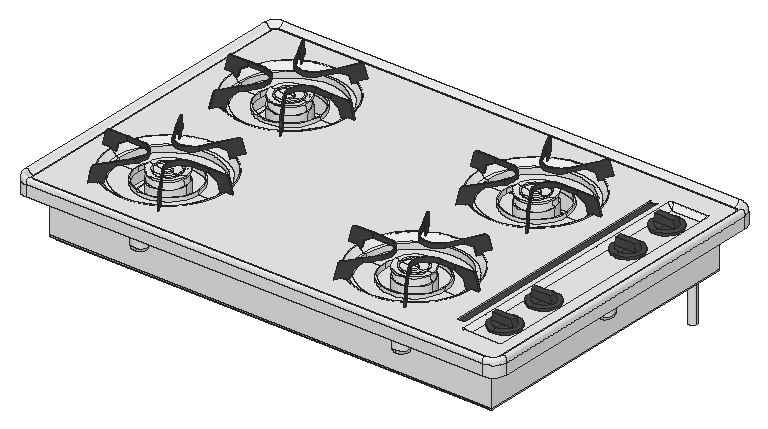
Revit family "QF_Summit_ZNL05P_Cooktop", category Specialty Equipment, Revit 2020 (continued)
Definition of nested family "Summit_Burner"
  Automatic sketch dimensions
    plane 8 "Center X" to curve 26 = 0.00012"
    curve 36 to plane 8 "Center X" = 0"
    curve 37 to plane 8 "Center X" = 0"
    curve 28 to plane 8 "Center X" = 0.00005"
    curve 28 to curve 30 = 0"
    curve 28 to curve 29 = 0"
    curve 37 to curve 23 = 0.00008"
    curve 23 to curve 21 = 0.00002"
    curve 21 to curve 20 = 0.00003"
    curve 30 to curve 16 = 0.00015"
    curve 32 to curve 20 = 0.08532"
    curve 21 to curve 32 = 0.00683"
    curve 31 to curve 21 = 0.0725"
    curve 12 to curve 11 = 0.00194"
    curve 34 to curve 12 = 0.06053"
    curve 33 to curve 12 = 0.06852"
    curve 10 to curve 11 = 0.27562"
    curve 30 to curve 23 = 0.05436"
    curve 35 to curve 10 = 0.05987"
    curve 32 to curve 33 = 0.01816"
    curve 34 to curve 32 = 0.06703"
    curve 31 to curve 34 = 0.0111"
    curve 29 to curve 25 = 0.0546"
    curve 26 to curve 25 = 0.14085"
    curve 36 to curve 9 = 0.05612"
    curve 28 to curve 26 = 0.05462"
    curve 8 to curve 36 = 0.11219"
    curve 37 to curve 8 = 0.0556"
    curve 30 to curve 35 = 0.00104"
    curve 29 to curve 36 = 0.00067"
    curve 28 to curve 37 = 0.00063"
    curve 18 to curve 21 = 0.00535"
    curve 21 to curve 19 = 0.07323"
    curve 11 to curve 12 = 0.0019"
    curve 12 to curve 14 = 0.06051"
    curve 12 to curve 13 = 0.06855"
    curve 11 to curve 10 = 0.3055"
    curve 23 to curve 22 = 0.06833"
    curve 10 to curve 15 = 0.04534"
    curve 13 to curve 18 = 0.01507"
    curve 18 to curve 14 = 0.07001"
    curve 19 to plane 8 "Center X" = 0.08242"
    curve 25 to curve 24 = 0.05466"
    curve 9 to curve 16 = 0.0538"
    curve 26 to curve 27 = 7/128"
    curve 9 to curve 8 = 0.16803"
    curve 8 to curve 17 = 0.04772"
    curve 15 to curve 22 = 0.00203"
    curve 16 to curve 24 = 0.0001"
    curve 17 to curve 27 = 0.00107"
    curve 30 to curve 35 = 0.06245"
    curve 29 to curve 36 = 0.06245"
    curve 28 to curve 37 = 0.06245"
    curve 18 to curve 14 = 0.0297"
    curve 32 to curve 34 = 0.03106"
    curve 12 to curve 34 = 0.04337"
    curve 14 to curve 11 = 0.04324"
    curve 15 to curve 10 = 0.02225"
    curve 16 to curve 9 = 0.03201"
    curve 17 to curve 8 = 0.02894"
    Revolve 1 sketch curve to plane 7 "Center Y" = 0"  (x2)
    Revolve 1 sketch curve to Revolve 1 sketch curve = 0.23333"
    Revolve 1 sketch curve to plane 7 "Center Y" = 0.24695"
    Revolve 1 sketch curve to Revolve 1 sketch curve = 0.51345"
    Revolve 1 sketch curve to Revolve 1 sketch curve = 0.02917"
    Revolve 1 sketch curve to Revolve 1 sketch curve = 0.18246"
    Revolve 1 sketch curve to Revolve 1 sketch curve = 0.07859"
    Revolve 1 sketch curve to Revolve 1 sketch curve = 0.0713"
    Revolve 1 sketch curve to plane 6 "TOP" = 0.50892"
    Revolve 1 sketch curve to Revolve 1 sketch curve = 0.14989"
    Revolve 1 sketch curve to Revolve 1 sketch curve = 0.7"
    Revolve 1 sketch curve to Revolve 1 sketch curve = 0.05833"  (x2)
    plane 3 "LEFT" to Revolve 1 sketch curve = 0.74587"
    Revolve 1 sketch curve to Revolve 1 sketch curve = 0.1959"
    plane 3 "LEFT" to Revolve 1 sketch curve = 1/4"
    Revolve 1 sketch curve to plane 6 "TOP" = 0.53304"
    Revolve 1 sketch curve to Revolve 1 sketch curve = 0.02643"
    Revolve 1 sketch curve to plane 6 "TOP" = 0.8456"
    Revolve 1 sketch curve to Revolve 1 sketch curve = 0"  (x2)
    Revolve 1 sketch curve to Revolve 1 sketch curve = 0.20616"
    Revolve 1 sketch curve to Revolve 1 sketch curve = 1.38136"
    Revolve 1 sketch curve to Revolve 1 sketch curve = 0.0449"
    Revolve 1 sketch curve to Revolve 1 sketch curve = 0.35749"
    Revolve 1 sketch curve to Revolve 1 sketch curve = 0.07043"
    Revolve 1 sketch curve to Revolve 1 sketch curve = 0.03555"
    Revolve 1 sketch curve to Revolve 1 sketch curve = 0.07819"
    Revolve 1 sketch curve to Revolve 1 sketch curve = 0.04006"
    Revolve 1 sketch curve to Revolve 1 sketch curve = 0.01412"
    Revolve 1 sketch curve to Revolve 1 sketch curve = 0.0834"
    Extrusion 2 sketch curve to Extrusion 2 sketch curve = 0"  (x6)
    Extrusion 2 sketch curve to plane 7 "Center Y" = 0"
    plane 7 "Center Y" to Extrusion 2 sketch curve = 0.78533"
    plane 7 "Center Y" to Extrusion 2 sketch curve = 0.79697"
    Extrusion 2 sketch curve to Extrusion 2 sketch curve = 0.05518"  (x4)
    Extrusion 2 sketch curve to Extrusion 2 sketch curve = 0.05181"  (x4)
    Extrusion 2 sketch curve to Extrusion 2 sketch curve = 0.44677"  (x2)
    Extrusion 2 sketch curve to Extrusion 2 sketch curve = 0.54664"  (x2)
    Extrusion 2 sketch curve to plane 8 "Center X" = 1/32"
    Extrusion 2 sketch curve to Extrusion 2 sketch curve = 0.73738"  (x2)
    Extrusion 2 sketch curve to Extrusion 2 sketch curve = 0.95164"  (x2)
    Extrusion 2 sketch curve to plane 7 "Center Y" = 0.78533"
    Extrusion 2 sketch curve to plane 7 "Center Y" = 0.79697"
    plane 8 "Center X" to Extrusion 2 sketch curve = 1/32"
    plane 8 "Center X" to Extrusion 2 sketch curve = 1.39462"
    Extrusion 2 sketch curve to Extrusion 2 sketch curve = 0.02934"
    Extrusion 2 sketch curve to Extrusion 2 sketch curve = 0.41757"
    Extrusion 2 sketch curve to Extrusion 2 sketch curve = 1/16"  (x2)
    Extrusion 2 sketch curve to Extrusion 2 sketch curve = 0.88944"  (x2)
    plane 6 "TOP" to Extrusion 3 sketch curve = 1/4"
    plane 3 "LEFT" to Extrusion 3 sketch curve = 1.21219"
    Extrusion 3 sketch curve to plane 6 "TOP" = 0.05877"
    Extrusion 3 sketch curve to Extrusion 3 sketch curve = 0.53481"
    Extrusion 3 sketch curve to Extrusion 3 sketch curve = 0.12323"
    Extrusion 3 sketch curve to Extrusion 3 sketch curve = 1/4"
    Extrusion 3 sketch curve to Extrusion 3 sketch curve = 0.09613"
    plane 3 "LEFT" to Extrusion 3 sketch curve = 0.16348"
    Extrusion 3 sketch curve to plane 3 "LEFT" = 0.05937"
    Extrusion 3 sketch curve to plane 3 "LEFT" = 0.24994"
    Extrusion 3 sketch curve to plane 6 "TOP" = 0.43845"
    Extrusion 3 sketch curve to Extrusion 3 sketch curve = 0.11457"
    plane 6 "TOP" to Extrusion 3 sketch curve = 0.27032"
    Extrusion 3 sketch curve to Extrusion 3 sketch curve = 0.05556"
    plane 6 "TOP" to Extrusion 4 sketch curve = 1/4"
    Extrusion 4 sketch curve to plane 6 "TOP" = 0.05877"
    Extrusion 4 sketch curve to Extrusion 4 sketch curve = 0.53481"
    Extrusion 4 sketch curve to Extrusion 4 sketch curve = 0.12323"
    Extrusion 4 sketch curve to plane 6 "TOP" = 0.55301"
    Extrusion 4 sketch curve to Extrusion 4 sketch curve = 1/4"
    Extrusion 4 sketch curve to plane 6 "TOP" = 0.43845"
    Extrusion 4 sketch curve to Extrusion 4 sketch curve = 0.09613"
    plane 6 "TOP" to Extrusion 4 sketch curve = 0.27032"
    Extrusion 4 sketch curve to Extrusion 4 sketch curve = 0.5139"
    plane 6 "TOP" to Extrusion 4 sketch curve = 0.32589"
    Extrusion 4 sketch curve to Extrusion 4 sketch curve = 0.22285"
    Extrusion 4 sketch curve to Extrusion 4 sketch curve = 0.45796"
    plane 6 "TOP" to Extrusion 5 sketch curve = 1/4"
    plane 4 "RIGHT" to Extrusion 5 sketch curve = 1.21219"
    Extrusion 5 sketch curve to plane 6 "TOP" = 0.05877"
    Extrusion 5 sketch curve to Extrusion 5 sketch curve = 0.53481"
    Extrusion 5 sketch curve to Extrusion 5 sketch curve = 0.12323"
    Extrusion 5 sketch curve to Extrusion 5 sketch curve = 1/4"
    Extrusion 5 sketch curve to Extrusion 5 sketch curve = 0.09613"
    plane 4 "RIGHT" to Extrusion 5 sketch curve = 0.16348"
    Extrusion 5 sketch curve to plane 4 "RIGHT" = 0.05937"
    Extrusion 5 sketch curve to plane 4 "RIGHT" = 0.24994"
    plane 6 "TOP" to Extrusion 5 sketch curve = 0.27032"
    Extrusion 5 sketch curve to Extrusion 5 sketch curve = 0.05556"
    Extrusion 5 sketch curve to plane 6 "TOP" = 0.43845"
    Extrusion 5 sketch curve to Extrusion 5 sketch curve = 0.11457"
    plane 6 "TOP" to Extrusion 6 sketch curve = 1/4"
    Extrusion 6 sketch curve to plane 6 "TOP" = 0.05877"
    Extrusion 6 sketch curve to Extrusion 6 sketch curve = 0.53481"
    Extrusion 6 sketch curve to Extrusion 6 sketch curve = 0.12323"
    Extrusion 6 sketch curve to plane 6 "TOP" = 0.55301"
    Extrusion 6 sketch curve to Extrusion 6 sketch curve = 1/4"
    Extrusion 6 sketch curve to plane 6 "TOP" = 0.43845"
    Extrusion 6 sketch curve to Extrusion 6 sketch curve = 0.09613"
    plane 6 "TOP" to Extrusion 6 sketch curve = 0.27032"
    Extrusion 6 sketch curve to Extrusion 6 sketch curve = 0.5139"
    plane 6 "TOP" to Extrusion 6 sketch curve = 0.32589"
    Extrusion 6 sketch curve to Extrusion 6 sketch curve = 0.22285"
    Extrusion 6 sketch curve to Extrusion 6 sketch curve = 0.45796"
    plane 6 "TOP" to Extrusion 7 sketch curve = 1/4"
    Extrusion 7 sketch curve to plane 6 "TOP" = 0.05877"
    Extrusion 7 sketch curve to Extrusion 7 sketch curve = 0.53481"
    Extrusion 7 sketch curve to Extrusion 7 sketch curve = 0.12323"
    Extrusion 7 sketch curve to plane 6 "TOP" = 0.55301"
    Extrusion 7 sketch curve to Extrusion 7 sketch curve = 1/4"
    Extrusion 7 sketch curve to plane 6 "TOP" = 0.43845"
    Extrusion 7 sketch curve to Extrusion 7 sketch curve = 0.09613"
    plane 6 "TOP" to Extrusion 7 sketch curve = 0.27032"
    Extrusion 7 sketch curve to Extrusion 7 sketch curve = 0.5139"
    plane 6 "TOP" to Extrusion 7 sketch curve = 0.32589"
    Extrusion 7 sketch curve to Extrusion 7 sketch curve = 0.22285"
    Extrusion 7 sketch curve to Extrusion 7 sketch curve = 0.45796"
    plane 6 "TOP" to Extrusion 8 sketch curve = 1/4"
    Extrusion 8 sketch curve to plane 6 "TOP" = 0.05877"
    Extrusion 8 sketch curve to Extrusion 8 sketch curve = 0.53481"
    Extrusion 8 sketch curve to Extrusion 8 sketch curve = 0.12323"
    Extrusion 8 sketch curve to plane 6 "TOP" = 0.55301"
    Extrusion 8 sketch curve to Extrusion 8 sketch curve = 1/4"
    Extrusion 8 sketch curve to plane 6 "TOP" = 0.43845"
    Extrusion 8 sketch curve to Extrusion 8 sketch curve = 0.09613"
    plane 6 "TOP" to Extrusion 8 sketch curve = 0.27032"
    Extrusion 8 sketch curve to Extrusion 8 sketch curve = 0.5139"
    plane 6 "TOP" to Extrusion 8 sketch curve = 0.32589"
    Extrusion 8 sketch curve to Extrusion 8 sketch curve = 0.22285"
    Extrusion 8 sketch curve to Extrusion 8 sketch curve = 0.45796"
    curve 38 to curve 10 = 0.09124"
    curve 39 to curve 38 = 0.05181"
    curve 40 to curve 41 = 0.03495"
    curve 42 to plane 5 "FRONT" = 0.2744"
    curve 10 to curve 43 = 0.11316"
    curve 43 to curve 44 = 0"
    curve 44 to curve 43 = 0.05181"
    curve 45 to curve 9 = 0.5693"
    curve 45 to curve 46 = 0.03495"
    plane 8 "Center X" to curve 49 = 1/32"
    curve 49 to plane 4 "RIGHT" = 0.24994"
    curve 50 to plane 5 "FRONT" = 0.2744"
    curve 45 to curve 50 = 0.05181"
    curve 49 to plane 8 "Center X" = 1/32"
    curve 25 to curve 26 = 0.14084"
    curve 26 to curve 27 = 0.03027"
    curve 23 to curve 30 = 0.03089"
    curve 21 to curve 31 = 0.03066"
    curve 20 to curve 18 = 0.08679"
    curve 21 to curve 32 = 0.07353"
    curve 20 to curve 32 = 0.03085"
    curve 30 to curve 51 = 0.12572"
    curve 51 to curve 23 = 0.07139"
    curve 51 to curve 52 = 0.05518"
    curve 52 to curve 51 = 0.05518"
    curve 56 to curve 55 = 0.05518"
    plane 1 "BACK" to curve 57 = 0.1948"
    plane 1 "BACK" to curve 54 = 0.1948"
    radius of curve 2 = 0.80512"
    radius of curve 3 = 0.74678"
    radius of curve 4 = 0.23333"
